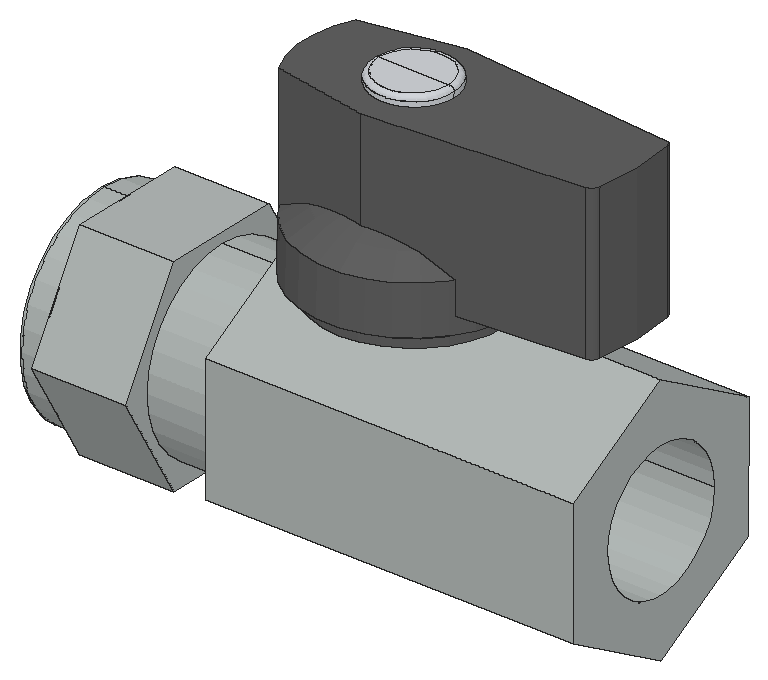
Revit family "QL11700000", category Apparecchi idraulici, Revit 2020
Family settings
  Quota connettore circolare = Usa diametro
  Tipo di parte = Normale
  Numero OmniClass = 23.45.00.00
  Titolo OmniClass = Sanitary, Laundry, and Cleaning Equipment
  Basato su piano di lavoro = No
  Sempre verticale = Sì
  Taglio con vuoti quando caricato = No
  Condiviso = No
  Punto di calcolo locali = No
Parameters
  URL = "https://web.cimberio.com/index.php/figura/42?subcategoria_id=47"
  Temperatura di esercizio = "-20 ÷ 95°C"
  Prospetto di default = 0 mm
  Produttore = "CIMBERIO SPA"
  Pressione nominale = "PN 150"
  Pressione di esercizio = "16 bar"
  Modello = "Cim 019"
  Materiale = "Prodotto in lega di ottone conforme alla norma EN 12165-CW617N-DW"
  Descrizione = "Realizzato in ottemperanza ai requisiti gestionali della norma EN ISO 9001.\r\nUtilizzato per la regolazione della temperatura degli ambienti e comandare apparecchi degli impianti di riscaldamento e condizionamento."
  DN Model [instance] = QL11703110 : QL11703110
  DN [instance] = 15 mm
  Commenti sul tipo = "Utilizzato nei più svariati settori dell'impiantistica: impianti di riscaldamento, condizionamento, idrici, igienico-sanitari, aria compressa e in generale con ogni fluido non corrosivo"
Reference planes
  plane 1 "Centro (Fronte/Retro)": y = 0
  plane 2: z = 0
  plane 3 "Centro (Sinistra/Destra)": x = 0
Dimensions and locks
  aligned and locked: level to plane 2
Nested families
  nested 1: "QL11703110" at (0, 0, 0), type <- "DN Model", type "QL11703110"
  nested 2: "QL11703110" at (0, 0, 0), type <- "DN Model", type "QL11703110"
  nested 3: "QL11703110" at (0, 0, 0), type <- "DN Model", type "QL11703110"
  nested 4: "QL11703110" at (0, 0, 0), type <- "DN Model", type "QL11703110"
Connectors
  piping at (25.957, 0, 14), diameter 15, driven by "DN"
    settings: on nested 1, index 1, connector inside diameter 609.6 mm, connector length 0 mm, flow factor 0, pipe flow 0.0 L/s, pressure drop 0.0 Pa, fitting loss kfactor 0, connector angle 0.00°, fixture units 0, engagement length 0 mm, angle of deflection 0.00°, flow configuration 0, flow direction 0, fitting loss method 0, system type 7, joint type 0, gender type 0, connector reference index -1, connector utility 0, adjustable connector no, is connector primary yes, connector description ""
  piping at (-33.443, 0, 14), diameter 15, driven by "DN"
    settings: on nested 1, index 2, connector inside diameter 609.6 mm, connector length 0 mm, flow factor 0, pipe flow 0.0 L/s, pressure drop 0.0 Pa, fitting loss kfactor 0, connector angle 0.00°, fixture units 0, engagement length 0 mm, angle of deflection 0.00°, flow configuration 0, flow direction 0, fitting loss method 0, system type 7, joint type 0, gender type 0, connector reference index -1, connector utility 0, adjustable connector no, is connector primary no, connector description ""
Definition of nested family "QL11703110"
  Parameters (values of type "QL11703110")
    URL = "https://web.cimberio.com/index.php/figura/1418?subcategoria_id="
    Temperatura di esercizio = "-10 ÷ 110°C"
    Default Elevation = 0 mm
    Manufacturer = "CIMBERIO SPA"
    Pressione nominale = "PN 10"
    Model = "Cim 150VIC"
    Materiale = "Prodotto in lega di ottone conforme alla norma EN 12165-CW617N-DW"
    Description = "Utilizzato nei più svariati settori dell'impiantistica: impianti di riscaldamento, condizionamento, idrici, igienico-sanitari e in generale con ogni fluido non corrosivo"
    DN Model [instance] = HG00081015 : HG00081015
    DN [instance] = 15 mm
    Type Comments = "Realizzato in ottemperanza ai requisiti gestionali della norma EN ISO 9001.\r\nCollaudato al 100% secondo la normativa EN 12266-1"
  Reference planes
    plane 1 "Centro (Fronte/Retro)": y = 0
    plane 2: z = 0
    plane 3 "Centro (Sinistra/Destra)": x = 0
  Forms (mm)
    Extrusion 1, solid
      sketch origin (0, 0, 14) x (0, 1, 0) y (0, 0, 1)
        loop
          circle (0, 0) r 7.5
        loop
          line (0, 14) -> (-12.124, 7) -> (-12.124, -7) -> (0, -14) -> (12.124, -7) -> (12.124, 7) -> (0, 14)
      from -15.043 to 25.957
    Revolve 2, solid
      sketch origin (0.156, 0, -0.02) x (1, 0, 0) y (0, 0, 1)
        loop
          line (-13.65, 29.159) -> (-12.068, 28.245) -> (-12.068, 27.3) -> (-1.75, 27.3) -> (-1.75, 38.235)
          arc (-1.75, 38.235) -> (-7.968, 37.443) -> (-13.555, 34.603) r 18.326
          line (-13.555, 34.603) -> (-13.65, 29.159)
        axis (-1.75, 27.3) -> (-1.75, 38.235)
      angle from 0 to 360
    Revolve 3, solid
      sketch origin (0.186, 0, -0.001) x (1, 0, 0) y (0, 0, 1)
        loop
          line (-6.25, 48.586) -> (-6.25, 47.06) -> (-1.75, 47.06) -> (-1.75, 49.1) -> (-5.644, 49.1)
          arc (-5.644, 49.1) -> (-6.041, 48.954) -> (-6.25, 48.586) r 0.614
        axis (-1.75, 49.1) -> (-1.75, 47.06)
      angle from 0 to 360
    Extrusion 4, solid
      sketch origin (0, 0, 0) x (1, 0, 0) y (0, 1, 0)
        loop
          line (-1.55, -7.358) -> (21.897, -5.374)
          arc (21.897, -5.374) -> (22.482, -5.121) -> (22.795, -4.565) r 1
          arc (22.795, -4.565) -> (23.239, 0.126) -> (22.795, 4.817) r 25
          arc (22.795, 4.817) -> (22.645, 5.184) -> (22.364, 5.464) r 1
          line (22.364, 5.464) -> (-1.549, 7.359) -> (-12.286, 5.325)
          arc (-12.286, 5.325) -> (-13.555, -0.054) -> (-12.237, -5.422) r 11.805
          line (-12.237, -5.422) -> (-1.55, -7.358)
      from 31.045 to 48.089
    Revolve 5, solid
      sketch origin (-0.985, 0, 0) x (1, 0, 0) y (0, 0, 1)
        loop
          line (-14.058, 24.427) -> (-24.564, 24.422) -> (-27.063, 22.977) -> (-27.063, 21.5) -> (-14.058, 21.5) -> (-14.058, 24.427)
        axis (-14.058, 14) -> (-27.063, 14)
      angle from 0 to 360
    Revolve 6, solid
      sketch origin (0, 0, 0) x (1, 0, 0) y (0, 0, 1)
        loop
          line (-33.443, 25.5) -> (-35.943, 25.5)
          arc (-35.943, 25.5) -> (-36.296, 25.354) -> (-36.443, 25) r 0.5
          line (-36.443, 25) -> (-36.443, 21.5) -> (-33.443, 21.5) -> (-33.443, 25.5)
        axis (-36.443, 14) -> (-33.443, 14)
      angle from 0 to 360
    Extrusion 7, solid
      sketch origin (0, 0, 0) x (0, 1, 0) y (0, 0, 1)
        loop
          circle (0, 14) r 7.5
        loop
          line (-13.25, 14) -> (-6.625, 2.525) -> (6.625, 2.525) -> (13.25, 14) -> (6.625, 25.475) -> (-6.625, 25.475) -> (-13.25, 14)
      from -33.443 to -22.943
  Dimensions and locks
    aligned and locked: level to plane 2
